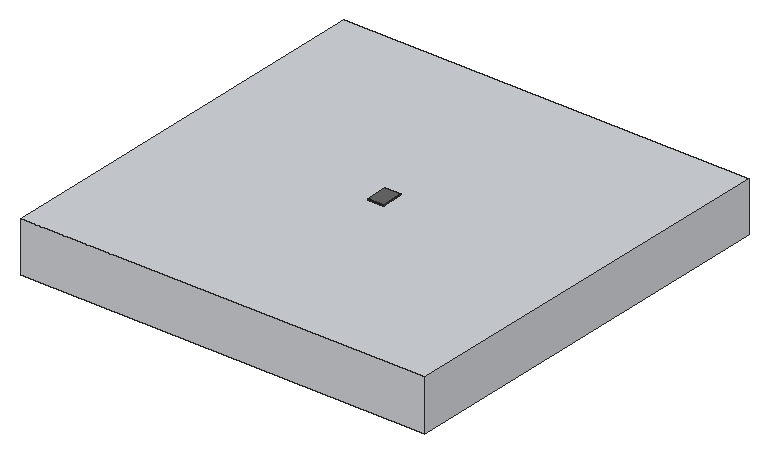
Revit family "Legrand_Hotel_UX_TOUCH_Unite_de_Couloir", category Equipement électrique, Revit 2020
Family settings
  Hôte = Face
  Configuration du panneau = Deux colonnes, circuits au sein
  Cote de connecteur circulaire = Utiliser le diamètre
  Type d'élément = Tableau de raccordement
  Couper avec des vides une fois chargée = Non
  Partagée = Non
  Point de calcul de pièce = Non
Parameters (values of type "Afficheur de Couloir")
  Site web configurateur = "https://uxforupscalehotel.legrand.com"
  URL = "http://www.legrandoc.com/048775"
  Type de montage = "encastré"
  Temperature de stockage MIN-MAX (°C) = "-20-70"
  Temperature d'utilisation /d'installation MIN-MAX (°C) = "0-40"
  Support de montage Ref 048779 [instance] = yes
  Résistance aux chocs (IK) = "IK02"
  Programmable = yes
  Profondeur hors tout = 42 mm
  Profondeur d'encastrement = 30 mm
  Nombre de touches = 2
  Moyen de programmation = "Ordinateur"
  Modèle = "048775"
  Matériau = LEGRAND - Plastique noir
  Largeur hors tout = 129 mm
  built-in parameter 1140140 [instance] = 1 (stored number, unit not read)
  Hauteur hors tout = 93 mm
  Fréquence d'alimentation MIN-MAX (Hz) = "0-0"
  Finition de la surface = "brillant"
  Fabricant = "Legrand"
  Elévation par défaut = 1300 mm
  Description = "Indicateur externe SCS"
  Couleur = "noir"
  built-in parameter 1140142 [instance] = -1
  Consommation en veille (mA) = 8
  Condition Générale d'Utilisation = "https://export.legrand.com/CGU-objets-BIM"
  Commande = Indicateur externe SCS : Indicateur externe SCS
  Classe de protection (IP) = "IP20"
  built-in parameter 1155100 [instance] = -1
  Avec thermostat d'ambiance = no
  Avec affichage LED = yes
  Autres systèmes de bus = "autre"
  Adressable = yes
  Accessoire montage affleurant Ref 048788 [instance] = not(Support de montage Ref 048779)  # no
Types (3, lengths in mm): name | URL | Modèle | Description | Consommation en veille (mA) | Commande
  (no name) | "http://www.legrandoc.com/048776" | "048776" | "Lecteur externe SCS" | 12 | Lecteur externe SCS : Lecteur externe SCS
  Lecteur Badge Externe | "http://www.legrandoc.com/048776" | "048776" | "Lecteur externe SCS" | 12 | Lecteur externe SCS : Lecteur externe SCS
  Afficheur de Couloir | "http://www.legrandoc.com/048775" | "048775" | "Indicateur externe SCS" | 8 | Indicateur externe SCS : Indicateur externe SCS
Reference planes
  plane 1 "Centre (avant/arrière)": y = 0
  plane 2: z = 0
  plane 3 "Centre (gauche/droite)": x = 0
Forms (mm)
  Extrusion 1, solid
    sketch origin (0, 0, 0) x (1, 0, 0) y (0, 1, 0)
      loop
        line (-1219.2, 1219.2) -> (-1219.2, -1219.2) -> (1219.2, -1219.2) -> (1219.2, 1219.2) -> (-1219.2, 1219.2)
    from 0 to -304.8
Dimensions and locks
  aligned and locked: plane 2 to Extrusion 1
  aligned and locked: level to Extrusion 1
Nested families
  nested 1: "TOUCH-Unite de couloir" at (0, 0, 0), type "TOUCH-Unite de couloir"
  nested 2: "Indicateur externe SCS" at (0, 0, 0), type <- "Commande", type "Indicateur externe SCS"
Connectors
  electrical at (0, 0, 0)
    settings: on nested 1, index 1, voltage 0 V, apparent load 0 VA, apparent load phase1 0 VA, apparent load phase2 0 VA, apparent load phase3 0 VA, power factor 1, load classification "Autre", number of poles 1, system type 31, power factor state 1, is connector primary yes, connector utility no, sub classification motor no, connector description ""
Definition of nested family "TOUCH-Unite de couloir"
  Parameters (values of type "TOUCH-Unite de couloir")
    Matériau = none
    Default Elevation = 0 mm
  Reference planes
    plane 1 "Centre (avant/arrière)": y = 0
    plane 2: z = 0
    plane 3 "Centre (gauche/droite)": x = 0
    plane 4: z = -5.9
    plane 5: z = -30.9
    plane 6: x = 46.5
    plane 7: x = -46.5
    plane 8: z = 11.5
    plane 9: y = 64.5
    plane 10: y = -64.5
  Forms (mm)
    Extrusion 1, solid, material <- "Matériau"
      sketch origin (0, 0, 0) x (0, -1, 0) y (1, 0, 0)
        loop
          line (-26.5, 26.5) -> (-26.5, -26.5) -> (26.5, -26.5) -> (26.5, 26.5) -> (-26.5, 26.5)
      from -5.9 to 0
    Extrusion 2, solid, material <- "Matériau"
      sketch origin (0, 0, 0) x (0, -1, 0) y (1, 0, 0)
        loop
          line (-16.5, 16.5) -> (-16.5, -16.5) -> (16.5, -16.5) -> (16.5, 16.5) -> (-16.5, 16.5)
      from -30.9 to -5.9
    Extrusion 3, solid, material <- "Matériau"
      sketch origin (0, 0, 0) x (0, -1, 0) y (1, 0, 0)
        loop
          line (-64.5, 46.5) -> (-64.5, -46.5) -> (64.5, -46.5) -> (64.5, 46.5) -> (-64.5, 46.5)
      from 0 to 11.5
    Sweep 4, void
      path origin (0, 0, 0) x (0, -1, 0) y (1, 0, 0)
        loop
          line (-64.5, 46.5) -> (-64.5, -46.5) -> (64.5, -46.5) -> (64.5, 46.5) -> (-64.5, 46.5)
      profile origin (46.5, 0, 0) x (1, 0, 0) y (0, 0, 1)
        loop
          arc (0, 11.5) -> (-1.004, 5.704) -> (-4.308, 0.837) r 13.947
          arc (-4.308, 0.837) -> (-5.255, 0.224) -> (-6.36, 0) r 3.03
          line (-6.36, 0) -> (-6.36, -5) -> (1.64, -5) -> (1.64, 11.5) -> (0, 11.5)
  Cuts and joins
    joined: Extrusion 1, Extrusion 2
    Sweep 4 cuts Extrusion 3
  Dimensions and locks
    plane 7 to plane 6 = 93 mm  (x2)
    plane 5 to plane 4 to plane 2 = 25 mm, 5.9 mm
    plane 2 to plane 8 = 11.5 mm
    plane 8 to plane 2 = 11.5 mm
    plane 10 to plane 9 = 129 mm  (x2)
    plane 5 to plane 8 = 42.4 mm
    aligned and locked: level to plane 2
Definition of nested family "Indicateur externe SCS"
  Parameters (values of type "Indicateur externe SCS")
    Matériau = none
    built-in parameter 1140140 [instance] = 1 (stored number, unit not read)
    Default Elevation = 0 mm
    built-in parameter 1140142 [instance] = -1
    built-in parameter 1155100 [instance] = -1
  Reference planes
    plane 1 "Centre (avant/arrière)": y = 0
    plane 2: z = 0
    plane 3 "Centre (gauche/droite)": x = 0
    plane 4: z = 11.5
    plane 5: x = -46.5
    plane 6: x = 46.5
    plane 7: y = 64.5
    plane 8: y = -64.5
  Lines and regions (mm)
    model lines
      curve 1: arc (-22.501, 17.5, 11.5) -> (-24.501, 18.5, 11.5) -> (-26.501, 17.5, 11.5) r 2.5
      curve 2: arc (1.5, -43.752, 11.5) -> (0, -42.704, 11.5) -> (-1.5, -43.752, 11.5) r 1.597
      curve 3: arc (-0.5, -48.255, 11.5) -> (0, -48.765, 11.5) -> (0.5, -48.255, 11.5) r 0.5
      curve 4: arc (-20.35, 14.5, 11.5) -> (-21.155, 13.926, 11.5) -> (-21.501, 13, 11.5) r 1.69
      curve 5: arc (-18.999, 13, 11.5) -> (-19.345, 13.926, 11.5) -> (-20.15, 14.5, 11.5) r 1.69
      curve 6: circle (0, 15.5, 11.5) r 4.251 normal (0, 0, 1)
      curve 7: arc (1.5, 17.251, 11.5) -> (0, 18.299, 11.5) -> (-1.5, 17.251, 11.5) r 1.597
      curve 8: arc (-0.5, 12.749, 11.5) -> (0, 12.238, 11.5) -> (0.5, 12.749, 11.5) r 0.5
      curve 9: line (1.5, -43.752, 11.5) -> (2, -48.255, 11.5)
      curve 10: line (2, -48.255, 11.5) -> (-2, -48.255, 11.5)
      curve 11: line (-2, -48.255, 11.5) -> (-1.5, -43.752, 11.5)
      curve 12: line (-21.501, 13, 11.5) -> (-21.501, 10.5, 11.5)
      curve 13: line (-21.501, 10.5, 11.5) -> (-18.999, 10.5, 11.5)
      curve 14: line (-18.999, 10.5, 11.5) -> (-18.999, 13, 11.5)
      curve 15: line (-20.15, 14.5, 11.5) -> (-20.15, 20.5, 11.5)
      curve 16: line (-20.15, 20.5, 11.5) -> (-20.35, 20.5, 11.5)
      curve 17: line (-20.35, 20.5, 11.5) -> (-20.35, 14.5, 11.5)
      curve 18: line (-21.501, 17.5, 11.5) -> (-27.501, 17.5, 11.5)
      curve 19: line (-27.501, 17.5, 11.5) -> (-26.001, 10.5, 11.5)
      curve 20: line (-26.001, 10.5, 11.5) -> (-23.001, 10.5, 11.5)
      curve 21: line (-23.001, 10.5, 11.5) -> (-21.501, 17.5, 11.5)
      curve 22: line (3.834, -41.9, 11.5) -> (2.774, -42.961, 11.5)
      curve 23: line (0, -40.235, 11.5) -> (0, -41.735, 11.5)
      curve 24: line (3.742, -45.735, 11.5) -> (5.242, -45.735, 11.5)
      curve 25: line (3, 18.512, 11.5) -> (-3, 12.488, 11.5)
      curve 26: line (-1.5, 17.251, 11.5) -> (-2, 12.749, 11.5)
      curve 27: line (-2, 12.749, 11.5) -> (2, 12.749, 11.5)
      curve 28: line (2, 12.749, 11.5) -> (1.5, 17.251, 11.5)
      curve 29: line (-3.742, -45.735, 11.5) -> (-5.242, -45.735, 11.5)
      curve 30: line (-3.834, -41.9, 11.5) -> (-2.774, -42.961, 11.5)
  Dimensions and locks
    plane 5 to plane 6 = 93 mm
    plane 8 to plane 7 = 129 mm
    plane 5 to plane 3 "Centre (gauche/droite)" = 46.5 mm
    plane 1 "Centre (avant/arrière)" to plane 7 = 64.5 mm
    aligned and locked: level to plane 2
